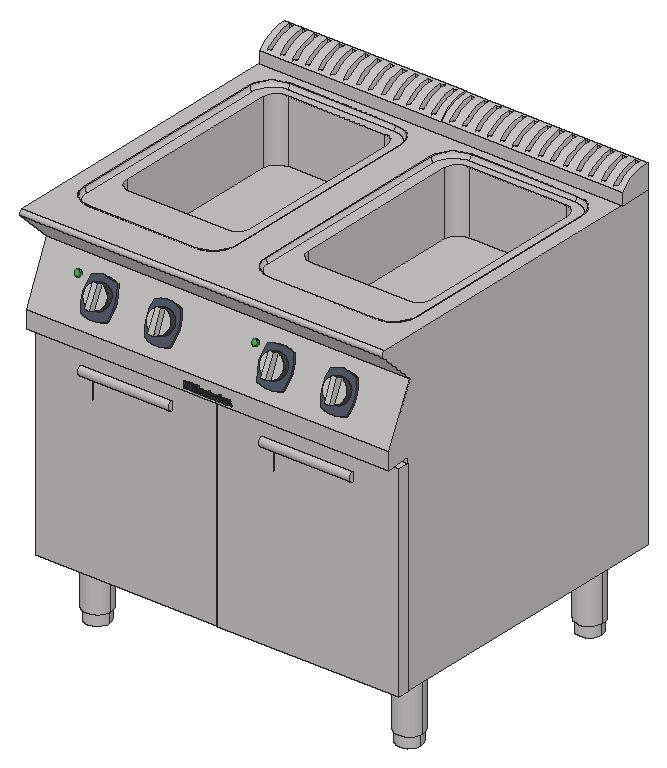
Revit family "QF_ELECTROLUXPROFESSIONAL_371091_E7PCGH2KF0", category Specialty Equipment, Revit 2018 (continued)
Automatic sketch dimensions
  Extrusion 20 sketch curve to Extrusion 20 sketch curve = 9.296 mm
  Extrusion 20 sketch curve to Extrusion 20 sketch curve = 57.15 mm
  plane 1 "BACK" to Extrusion 21 sketch curve = 6.761 mm
  Extrusion 21 sketch curve to plane 7 "Center Y" = 71.036 mm
  Extrusion 21 sketch curve to Extrusion 21 sketch curve = 9.296 mm
  Extrusion 21 sketch curve to Extrusion 21 sketch curve = 57.15 mm
  plane 1 "BACK" to Extrusion 22 sketch curve = 6.761 mm
  Extrusion 22 sketch curve to plane 7 "Center Y" = 43.194 mm
  Extrusion 22 sketch curve to Extrusion 22 sketch curve = 9.296 mm
  Extrusion 22 sketch curve to Extrusion 22 sketch curve = 57.15 mm
  Extrusion 24 sketch curve to plane 1 "BACK" = 6.761 mm
  Extrusion 24 sketch curve to plane 7 "Center Y" = 15.351 mm
  Extrusion 24 sketch curve to Extrusion 24 sketch curve = 9.296 mm
  Extrusion 24 sketch curve to Extrusion 24 sketch curve = 57.15 mm
  Extrusion 31 sketch curve to plane 1 "BACK" = 6.761 mm
  Extrusion 31 sketch curve to plane 7 "Center Y" = 182.405 mm
  Extrusion 31 sketch curve to Extrusion 31 sketch curve = 9.296 mm
  Extrusion 31 sketch curve to Extrusion 31 sketch curve = 57.15 mm
  Extrusion 32 sketch curve to plane 1 "BACK" = 6.761 mm
  Extrusion 32 sketch curve to plane 7 "Center Y" = 154.563 mm
  Extrusion 32 sketch curve to Extrusion 32 sketch curve = 9.296 mm
  Extrusion 32 sketch curve to Extrusion 32 sketch curve = 57.15 mm
  Extrusion 33 sketch curve to plane 1 "BACK" = 6.761 mm
  Extrusion 33 sketch curve to plane 7 "Center Y" = 126.721 mm
  Extrusion 33 sketch curve to Extrusion 33 sketch curve = 9.296 mm
  Extrusion 33 sketch curve to Extrusion 33 sketch curve = 57.15 mm
  Extrusion 34 sketch curve to plane 1 "BACK" = 6.761 mm
  Extrusion 34 sketch curve to plane 7 "Center Y" = 98.878 mm
  Extrusion 34 sketch curve to Extrusion 34 sketch curve = 9.296 mm
  Extrusion 34 sketch curve to Extrusion 34 sketch curve = 57.15 mm
  Extrusion 35 sketch curve to plane 1 "BACK" = 6.761 mm
  Extrusion 35 sketch curve to plane 7 "Center Y" = 71.036 mm
  Extrusion 35 sketch curve to Extrusion 35 sketch curve = 9.296 mm
  Extrusion 35 sketch curve to Extrusion 35 sketch curve = 57.15 mm
  Extrusion 36 sketch curve to plane 1 "BACK" = 6.761 mm
  Extrusion 36 sketch curve to plane 7 "Center Y" = 43.194 mm
  Extrusion 36 sketch curve to Extrusion 36 sketch curve = 9.296 mm
  Extrusion 36 sketch curve to Extrusion 36 sketch curve = 57.15 mm
  plane 1 "BACK" to Extrusion 37 sketch curve = 0 mm
  plane 7 "Center Y" to Extrusion 37 sketch curve = 1.587 mm
  Extrusion 37 sketch curve to plane 7 "Center Y" = 1.588 mm
  Extrusion 37 sketch curve to plane 1 "BACK" = 69.85 mm
  Extrusion 39 sketch curve to plane 5 "FRONT" = 42.863 mm
  Extrusion 39 sketch curve to Extrusion 39 sketch curve = 15 mm
  Extrusion 39 sketch curve to plane 9 "BASE" = 101.212 mm
  Extrusion 39 sketch curve to Extrusion 39 sketch curve = 41.212 mm
  Extrusion 40 sketch curve to plane 5 "FRONT" = 42.863 mm
  Extrusion 40 sketch curve to plane 9 "BASE" = 60 mm
  Extrusion 40 sketch curve to Extrusion 40 sketch curve = 10 mm
  Extrusion 41 sketch curve to plane 5 "FRONT" = 42.863 mm
  Extrusion 41 sketch curve to Extrusion 41 sketch curve = 15 mm
  Extrusion 41 sketch curve to plane 9 "BASE" = 60 mm
  Extrusion 41 sketch curve to Extrusion 41 sketch curve = 41.212 mm
  Extrusion 42 sketch curve to plane 5 "FRONT" = 42.863 mm
  Extrusion 42 sketch curve to plane 9 "BASE" = 40 mm
  Extrusion 42 sketch curve to Extrusion 42 sketch curve = 10 mm
  Revolve 43 sketch curve to level = 0 mm
  Revolve 43 sketch curve to plane 14 = 0 mm  (x2)
  level to Revolve 43 sketch curve = 25 mm
  Revolve 43 sketch curve to Revolve 43 sketch curve = 20 mm
  plane 3 "LEFT" to Revolve 43 sketch curve = 56 mm
  Revolve 43 sketch curve to Revolve 43 sketch curve = 0 mm
  plane 3 "LEFT" to Revolve 43 sketch curve = 29.75 mm
  plane 3 "LEFT" to Revolve 43 sketch curve = 26 mm
  Revolve 44 sketch curve to level = 0 mm
  Revolve 44 sketch curve to plane 14 = 0 mm  (x2)
  level to Revolve 44 sketch curve = 25 mm
  Revolve 44 sketch curve to Revolve 44 sketch curve = 20 mm
  plane 3 "LEFT" to Revolve 44 sketch curve = 56 mm
  Revolve 44 sketch curve to Revolve 44 sketch curve = 0 mm
  plane 3 "LEFT" to Revolve 44 sketch curve = 29.75 mm
  plane 3 "LEFT" to Revolve 44 sketch curve = 26 mm
  Sweep 50 sketch curve to plane 11 = 2.62 mm  (x2)
  Sweep 50 sketch curve to plane 7 "Center Y" = 33.337 mm
  plane 11 to Sweep 50 sketch curve = 47.38 mm
  Sweep 50 sketch curve to plane 12 = 57.513 mm
  Sweep 50 sketch curve to Sweep 50 sketch curve = 50 mm  (x2)
  plane 3 "LEFT" to Sweep 50 sketch curve = 83.338 mm
  profile plane to Sweep 50 sketch curve = 0 mm
  Sweep 50 sketch curve to plane 10 "TOP A" = 0 mm
  Sweep 50 sketch curve to profile plane = 5.055 mm
  Sweep 50 sketch curve to profile plane = 14.151 mm
  Extrusion 2 sketch curve to plane 10 "TOP A" = 0 mm
  Extrusion 2 sketch curve to plane 1 "BACK" = 0 mm
  Extrusion 2 sketch curve to plane 6 "TOP" = 0 mm
  plane 1 "BACK" to Extrusion 2 sketch curve = 1.769 mm
  plane 10 "TOP A" to Extrusion 2 sketch curve = 25.4 mm
  plane 1 "BACK" to Extrusion 2 sketch curve = 69.85 mm
  Extrusion 3 sketch curve to plane 12 = 7.513 mm  (x3)
  Extrusion 3 sketch curve to plane 4 "RIGHT" = 33.338 mm
  Extrusion 3 sketch curve to plane 12 = 57.513 mm
  Extrusion 3 sketch curve to plane 11 = 2.62 mm  (x3)
  Extrusion 3 sketch curve to Extrusion 3 sketch curve = 50 mm  (x3)
  plane 7 "Center Y" to Extrusion 3 sketch curve = 83.337 mm
  Extrusion 3 sketch curve to plane 7 "Center Y" = 33.337 mm
  plane 11 to Extrusion 3 sketch curve = 47.38 mm
  plane 3 "LEFT" to Extrusion 3 sketch curve = 83.338 mm  (x2)
  Extrusion 5 sketch curve to Extrusion 1 = 31.333 mm  (x8)
  Extrusion 5 sketch curve to Extrusion 5 sketch curve = 12.3 mm  (x12)
  Extrusion 5 sketch curve to Extrusion 5 sketch curve = 34.925 mm  (x6)
  Extrusion 5 sketch curve to Extrusion 5 sketch curve = 0 mm  (x2)
  Extrusion 1 to Extrusion 5 sketch curve = 44.467 mm  (x4)
  Extrusion 1 to Extrusion 5 sketch curve = 76.335 mm
  Extrusion 5 sketch curve to Extrusion 5 sketch curve = 25.727 mm  (x8)
  Extrusion 5 sketch curve to Extrusion 5 sketch curve = 28.575 mm  (x4)
  Extrusion 5 sketch curve to Extrusion 5 sketch curve = 31.396 mm  (x2)
  Extrusion 5 sketch curve to Extrusion 5 sketch curve = 140.219 mm
  Extrusion 6 sketch curve to Extrusion 6 sketch curve = 0 mm  (x3)
  Extrusion 6 sketch curve to Extrusion 6 sketch curve = 140 mm
  Extrusion 6 sketch curve to Extrusion 6 sketch curve = 248.937 mm
  Extrusion 6 sketch curve to Extrusion 6 sketch curve = 139.885 mm
  Extrusion 7 sketch curve to Extrusion 7 sketch curve = 24.732 mm  (x4)
  Extrusion 7 sketch curve to Extrusion 7 sketch curve = 0 mm  (x4)
  Extrusion 1 to Extrusion 8 sketch curve = 39.678 mm  (x2)
  Extrusion 1 to Extrusion 8 sketch curve = 324.515 mm
  Extrusion 1 to Extrusion 8 sketch curve = 83.473 mm
  plane 1 "BACK" to Extrusion 9 sketch curve = 0 mm
  Extrusion 9 sketch curve to plane 3 "LEFT" = 0 mm
  Extrusion 9 sketch curve to plane 4 "RIGHT" = 0 mm
  Extrusion 9 sketch curve to plane 3 "LEFT" = 150.019 mm
  plane 5 "FRONT" to Extrusion 9 sketch curve = 1.377 mm  (x2)
  plane 4 "RIGHT" to Extrusion 9 sketch curve = 150.019 mm
  Extrusion 9 sketch curve to plane 1 "BACK" = 150.019 mm
  curve 129 to curve 151 = 0 mm  (x2)
  curve 131 to curve 145 = 0 mm
  curve 133 to curve 147 = 0 mm  (x2)
  curve 135 to curve 149 = 0 mm  (x2)
  curve 153 to curve 175 = 0 mm  (x2)
  curve 155 to curve 169 = 0 mm  (x2)
  curve 157 to curve 171 = 0 mm
  curve 159 to curve 173 = 0 mm  (x2)
  curve 98 to plane 4 "RIGHT" = 0 mm
  curve 7 to plane 4 "RIGHT" = 0 mm
  plane 5 "FRONT" to curve 99 = 0 mm
  plane 1 "BACK" to curve 93 = 0 mm
  curve 5 to plane 3 "LEFT" = 0 mm
  curve 96 to plane 3 "LEFT" = 0 mm
  plane 4 "RIGHT" to curve 3 = 150.019 mm
  curve 52 to plane 4 "RIGHT" = 13.453 mm
  curve 52 to curve 51 = 9.296 mm
  curve 157 to plane 11 = 2.62 mm
  curve 157 to plane 4 "RIGHT" = 33.338 mm
  curve 156 to curve 170 = 5.055 mm
  curve 51 to curve 58 = 18.547 mm
  curve 58 to curve 57 = 9.296 mm
  curve 165 to plane 4 "RIGHT" = 63.338 mm
  plane 1 "BACK" to curve 62 = 6.761 mm
  curve 57 to curve 62 = 18.547 mm
  curve 99 to plane 4 "RIGHT" = 74.24 mm
  curve 170 to curve 157 = 44.945 mm
  curve 60 to curve 155 = 4.904 mm
  curve 169 to curve 160 = 10 mm
  curve 166 to curve 165 = 30 mm
  plane 1 "BACK" to curve 65 = 6.761 mm
  curve 60 to curve 65 = 18.547 mm
  curve 64 to curve 65 = 9.296 mm
  curve 67 to curve 66 = 9.296 mm
  plane 1 "BACK" to curve 71 = 6.761 mm
  curve 66 to curve 71 = 18.547 mm
  curve 70 to curve 69 = 9.296 mm
  plane 1 "BACK" to curve 74 = 6.761 mm
  curve 69 to curve 74 = 18.547 mm
  curve 73 to curve 74 = 9.296 mm
  curve 76 to curve 75 = 9.296 mm
  plane 1 "BACK" to curve 79 = 6.761 mm
  curve 75 to curve 79 = 18.547 mm
  curve 79 to curve 78 = 9.296 mm
  curve 82 to curve 81 = 9.296 mm
  plane 1 "BACK" to curve 86 = 6.761 mm
  curve 81 to curve 86 = 18.547 mm
  curve 85 to curve 86 = 9.296 mm
  plane 7 "Center Y" to curve 163 = 93.338 mm
  curve 84 to curve 161 = 5.541 mm
  curve 159 to plane 11 = 2.62 mm
  curve 164 to curve 159 = 10 mm
  curve 161 to curve 175 = 10 mm
  plane 1 "BACK" to curve 88 = 6.761 mm
  curve 84 to curve 88 = 18.547 mm
  curve 88 to curve 87 = 9.296 mm
  curve 161 to plane 12 = 7.513 mm
  curve 153 to curve 161 = 20 mm
  plane 7 "Center Y" to curve 99 = 54.971 mm
  plane 1 "BACK" to curve 91 = 6.761 mm
  curve 87 to curve 91 = 18.547 mm
  curve 90 to curve 55 = 18.547 mm
  curve 55 to curve 54 = 9.296 mm
  plane 7 "Center Y" to curve 98 = 3.9 mm
  plane 7 "Center Y" to curve 95 = 1.588 mm
  curve 11 to plane 7 "Center Y" = 1.587 mm
  curve 96 to plane 7 "Center Y" = 3.9 mm
  curve 11 to curve 12 = 13.764 mm
  curve 128 to plane 7 "Center Y" = 33.338 mm
  curve 135 to curve 149 = 5.055 mm
  curve 48 to curve 49 = 9.296 mm
  curve 97 to plane 7 "Center Y" = 54.971 mm
  curve 139 to plane 7 "Center Y" = 63.337 mm
  plane 1 "BACK" to curve 47 = 6.761 mm
  curve 49 to curve 47 = 18.547 mm
  curve 45 to curve 46 = 9.296 mm
  plane 11 to curve 149 = 42.325 mm
  curve 150 to curve 149 = 44.945 mm
  curve 151 to plane 12 = 7.513 mm
  curve 137 to curve 151 = 20 mm
  curve 138 to curve 140 = 30 mm
  curve 129 to curve 137 = 10 mm
  plane 1 "BACK" to curve 42 = 6.761 mm
  curve 46 to curve 42 = 18.547 mm
  curve 42 to curve 43 = 9.296 mm
  curve 39 to curve 40 = 9.296 mm
  curve 40 to curve 36 = 18.547 mm
  plane 1 "BACK" to curve 33 = 6.761 mm
  curve 37 to curve 33 = 18.547 mm
  curve 33 to curve 34 = 9.296 mm
  curve 30 to curve 31 = 9.296 mm
  plane 1 "BACK" to curve 29 = 6.761 mm
  curve 31 to curve 29 = 18.547 mm
  curve 24 to curve 25 = 9.296 mm
  plane 1 "BACK" to curve 23 = 6.761 mm
  curve 25 to curve 23 = 18.547 mm
  curve 21 to curve 23 = 9.296 mm
  plane 3 "LEFT" to curve 140 = 93.338 mm
  curve 22 to curve 143 = 3.642 mm
  curve 133 to plane 11 = 2.62 mm
  curve 140 to curve 133 = 10 mm
  curve 143 to curve 144 = 10 mm
  plane 1 "BACK" to curve 20 = 6.761 mm
  curve 22 to curve 20 = 18.547 mm
  curve 97 to curve 5 = 74.24 mm
  curve 18 to curve 19 = 9.296 mm
  curve 142 to plane 12 = 7.513 mm
  curve 131 to curve 142 = 20 mm
  curve 15 to curve 17 = 9.296 mm
  plane 1 "BACK" to curve 10 = 6.761 mm
  curve 16 to curve 10 = 18.547 mm
  curve 8 to curve 9 = 9.296 mm
  curve 2 to plane 3 "LEFT" = 150.019 mm
  curve 1 to plane 1 "BACK" = 150.019 mm
  plane 1 "BACK" to curve 12 = 6.761 mm
  plane 1 "BACK" to curve 83 = 6.761 mm
  plane 1 "BACK" to curve 15 = 6.761 mm
  plane 1 "BACK" to curve 77 = 6.761 mm
  plane 1 "BACK" to curve 24 = 6.761 mm
  plane 1 "BACK" to curve 68 = 6.761 mm
  plane 1 "BACK" to curve 30 = 6.761 mm
  plane 1 "BACK" to curve 36 = 6.761 mm
  plane 1 "BACK" to curve 59 = 6.761 mm
  plane 1 "BACK" to curve 39 = 6.761 mm
  plane 1 "BACK" to curve 56 = 6.761 mm
  plane 1 "BACK" to curve 53 = 6.761 mm
  plane 1 "BACK" to curve 50 = 6.761 mm
  curve 49 to curve 129 = 26.213 mm
  curve 51 to curve 51 = 57.15 mm
  curve 54 to curve 54 = 57.15 mm
  curve 57 to curve 51 = 0 mm
  curve 60 to curve 57 = 0 mm
  curve 63 to curve 60 = 0 mm
  curve 66 to curve 63 = 0 mm
  curve 69 to curve 66 = 0 mm
  curve 72 to curve 69 = 0 mm
  curve 75 to curve 72 = 0 mm
  curve 78 to curve 75 = 0 mm
  curve 81 to curve 78 = 0 mm
  curve 84 to curve 81 = 0 mm
  curve 91 to curve 87 = 0 mm
  curve 52 to curve 95 = 5.939 mm
  curve 94 to curve 93 = 0 mm
  curve 154 to curve 160 = 20 mm
  curve 163 to curve 159 = 80 mm
  curve 142 to curve 133 = 80 mm
  curve 98 to plane 5 "FRONT" = 42.863 mm
  curve 96 to plane 5 "FRONT" = 42.863 mm
  plane 5 "FRONT" to curve 3 = 1.377 mm
  plane 5 "FRONT" to curve 1 = 1.377 mm
  Extrusion 23 sketch curve to plane 1 "BACK" = 6.761 mm
  plane 4 "RIGHT" to Extrusion 23 sketch curve = 22.749 mm
  Extrusion 23 sketch curve to Extrusion 23 sketch curve = 9.296 mm
  Extrusion 23 sketch curve to Extrusion 23 sketch curve = 57.15 mm
  Extrusion 25 sketch curve to plane 1 "BACK" = 6.761 mm
  plane 4 "RIGHT" to Extrusion 25 sketch curve = 50.591 mm
  Extrusion 25 sketch curve to Extrusion 25 sketch curve = 9.296 mm
  Extrusion 25 sketch curve to Extrusion 25 sketch curve = 57.15 mm
  Extrusion 26 sketch curve to plane 1 "BACK" = 6.761 mm
  plane 4 "RIGHT" to Extrusion 26 sketch curve = 78.433 mm
  Extrusion 26 sketch curve to Extrusion 26 sketch curve = 9.296 mm
  Extrusion 26 sketch curve to Extrusion 26 sketch curve = 57.15 mm
  Extrusion 27 sketch curve to plane 1 "BACK" = 6.761 mm
  plane 4 "RIGHT" to Extrusion 27 sketch curve = 106.275 mm
  Extrusion 27 sketch curve to Extrusion 27 sketch curve = 9.296 mm
  Extrusion 27 sketch curve to Extrusion 27 sketch curve = 57.15 mm
  Extrusion 28 sketch curve to plane 1 "BACK" = 6.761 mm
  plane 4 "RIGHT" to Extrusion 28 sketch curve = 134.118 mm
  Extrusion 28 sketch curve to Extrusion 28 sketch curve = 9.296 mm
  Extrusion 28 sketch curve to Extrusion 28 sketch curve = 57.15 mm
  Extrusion 29 sketch curve to plane 1 "BACK" = 6.761 mm
  plane 4 "RIGHT" to Extrusion 29 sketch curve = 161.96 mm
  Extrusion 29 sketch curve to Extrusion 29 sketch curve = 9.296 mm
  Extrusion 29 sketch curve to Extrusion 29 sketch curve = 57.15 mm
  Extrusion 30 sketch curve to plane 1 "BACK" = 6.761 mm
  plane 4 "RIGHT" to Extrusion 30 sketch curve = 189.802 mm
  Extrusion 30 sketch curve to Extrusion 30 sketch curve = 9.296 mm
  Extrusion 30 sketch curve to Extrusion 30 sketch curve = 57.15 mm
  Extrusion 38 sketch curve to Extrusion 1 = 0 mm
  Extrusion 1 to Extrusion 38 sketch curve = 12.7 mm
  Extrusion 1 to Extrusion 38 sketch curve = 398.463 mm
  Extrusion 38 sketch curve to Extrusion 38 sketch curve = 3.175 mm
  Revolve 45 sketch curve to level = 0 mm
  Revolve 45 sketch curve to plane 14 = 0 mm  (x2)
  level to Revolve 45 sketch curve = 25 mm
  Revolve 45 sketch curve to Revolve 45 sketch curve = 20 mm
  Revolve 45 sketch curve to plane 4 "RIGHT" = 26 mm
  Revolve 45 sketch curve to Revolve 45 sketch curve = 3.75 mm
  Revolve 45 sketch curve to Revolve 45 sketch curve = 30 mm
  Revolve 45 sketch curve to Revolve 45 sketch curve = 0 mm
  Revolve 46 sketch curve to level = 0 mm
  Revolve 46 sketch curve to plane 14 = 0 mm  (x2)
  level to Revolve 46 sketch curve = 25 mm
  Revolve 46 sketch curve to Revolve 46 sketch curve = 20 mm
  Revolve 46 sketch curve to plane 4 "RIGHT" = 26 mm
  Revolve 46 sketch curve to Revolve 46 sketch curve = 3.75 mm
  Revolve 46 sketch curve to Revolve 46 sketch curve = 30 mm
  Revolve 46 sketch curve to Revolve 46 sketch curve = 0 mm
  Extrusion 47 sketch curve to plane 4 "RIGHT" = 0 mm
  Extrusion 47 sketch curve to plane 3 "LEFT" = 0 mm
  plane 7 "Center Y" to Extrusion 47 sketch curve = 1.588 mm
  Extrusion 47 sketch curve to plane 7 "Center Y" = 1.588 mm
  Extrusion 47 sketch curve to plane 5 "FRONT" = 42.863 mm  (x2)
  Extrusion 49 sketch curve to plane 11 = 2.62 mm  (x2)
  Extrusion 49 sketch curve to plane 4 "RIGHT" = 33.338 mm
  Extrusion 49 sketch curve to plane 4 "RIGHT" = 63.338 mm
  Extrusion 49 sketch curve to plane 12 = 7.513 mm  (x6)
  Extrusion 49 sketch curve to Extrusion 49 sketch curve = 20 mm  (x2)
  plane 11 to Extrusion 49 sketch curve = 47.38 mm  (x2)
  Extrusion 49 sketch curve to Extrusion 49 sketch curve = 30 mm  (x4)
  Extrusion 49 sketch curve to Extrusion 49 sketch curve = 10 mm  (x4)
  plane 7 "Center Y" to Extrusion 49 sketch curve = 93.337 mm  (x2)
  Extrusion 49 sketch curve to plane 12 = 37.513 mm
  plane 7 "Center Y" to Extrusion 49 sketch curve = 83.337 mm
  Extrusion 49 sketch curve to plane 7 "Center Y" = 33.338 mm
  Extrusion 49 sketch curve to Extrusion 49 sketch curve = 50 mm
  plane 3 "LEFT" to Extrusion 49 sketch curve = 93.338 mm
  plane 3 "LEFT" to Extrusion 49 sketch curve = 83.338 mm
  Extrusion 49 sketch curve to Extrusion 49 sketch curve = 80 mm  (x2)
  Sweep 51 sketch curve to plane 11 = 2.62 mm  (x2)
  plane 7 "Center Y" to Sweep 51 sketch curve = 33.337 mm
  plane 11 to Sweep 51 sketch curve = 47.38 mm
  Sweep 51 sketch curve to plane 12 = 57.513 mm
  Sweep 51 sketch curve to Sweep 51 sketch curve = 50 mm  (x2)
  Sweep 51 sketch curve to plane 4 "RIGHT" = 83.338 mm
  Sweep 51 sketch curve to plane 10 "TOP A" = 0 mm
  profile plane to Sweep 51 sketch curve = 0 mm
  Sweep 51 sketch curve to Sweep 51 sketch curve = 5.055 mm
  Sweep 51 sketch curve to Sweep 51 sketch curve = 14.151 mm
  Extrusion 48 sketch curve to plane 11 = 16.884 mm
  curve 61 to curve 60 = 9.296 mm
  curve 63 to curve 67 = 18.547 mm
  curve 72 to curve 77 = 18.547 mm
  curve 78 to curve 82 = 18.547 mm
  curve 91 to curve 92 = 9.296 mm
  curve 12 to curve 13 = 9.296 mm
  curve 13 to curve 50 = 18.547 mm
  curve 43 to curve 39 = 18.547 mm
  curve 36 to curve 37 = 9.296 mm
  curve 34 to curve 32 = 18.547 mm
  curve 27 to curve 28 = 9.296 mm
  curve 28 to curve 24 = 18.547 mm
  curve 19 to curve 15 = 18.547 mm
  curve 60 to curve 61 = 0 mm
  curve 57 to curve 58 = 0 mm
  curve 63 to curve 64 = 0 mm
  curve 54 to curve 55 = 0 mm
  curve 51 to curve 52 = 0 mm
  curve 66 to curve 67 = 0 mm
  curve 49 to curve 48 = 0 mm
  curve 46 to curve 129 = 26.213 mm
  curve 69 to curve 70 = 0 mm
  curve 46 to curve 45 = 0 mm
  curve 43 to curve 46 = 0 mm
  curve 43 to curve 42 = 0 mm
  curve 40 to curve 43 = 0 mm
  curve 72 to curve 73 = 0 mm
  curve 40 to curve 39 = 0 mm
  curve 37 to curve 40 = 0 mm
  curve 37 to curve 36 = 0 mm
  curve 34 to curve 37 = 0 mm
  curve 75 to curve 76 = 0 mm
  curve 34 to curve 33 = 0 mm
  curve 31 to curve 34 = 0 mm
  curve 31 to curve 30 = 0 mm
  curve 28 to curve 31 = 0 mm
  curve 78 to curve 79 = 0 mm
  curve 28 to curve 27 = 0 mm
  curve 25 to curve 28 = 0 mm
  curve 25 to curve 24 = 0 mm
  curve 22 to curve 25 = 0 mm
  curve 81 to curve 82 = 0 mm
  curve 22 to curve 21 = 0 mm
  curve 19 to curve 22 = 0 mm
  curve 19 to curve 18 = 0 mm
  curve 16 to curve 19 = 0 mm
  curve 84 to curve 85 = 0 mm
  curve 16 to curve 15 = 0 mm
  curve 48 to curve 13 = 0 mm
  curve 13 to curve 12 = 0 mm
  curve 55 to curve 91 = 0 mm
  curve 87 to curve 88 = 0 mm
  curve 90 to curve 91 = 0 mm
  curve 9 to curve 11 = 5.939 mm
  curve 9 to curve 8 = 0 mm
  plane 9 "BASE" to Extrusion 52 sketch curve = 9.251 mm
  plane 9 "BASE" to Extrusion 52 sketch curve = 14.292 mm
  plane 7 "Center Y" to Extrusion 52 sketch curve = 5.651 mm
  plane 9 "BASE" to Extrusion 52 sketch curve = 14.311 mm
  Extrusion 52 sketch curve to Extrusion 52 sketch curve = 0 mm  (x28)
  Extrusion 52 sketch curve to Extrusion 52 sketch curve = 5.108 mm  (x2)
  Extrusion 52 sketch curve to Extrusion 52 sketch curve = 0.054 mm
  Extrusion 52 sketch curve to Extrusion 52 sketch curve = 0.218 mm
  Extrusion 52 sketch curve to Extrusion 52 sketch curve = 0.195 mm
  Extrusion 52 sketch curve to Extrusion 52 sketch curve = 0.249 mm
  plane 9 "BASE" to Extrusion 52 sketch curve = 14.608 mm
  Extrusion 52 sketch curve to Extrusion 52 sketch curve = 0.087 mm
  Extrusion 52 sketch curve to Extrusion 52 sketch curve = 0.358 mm
  Extrusion 52 sketch curve to Extrusion 52 sketch curve = 0.481 mm
  Extrusion 52 sketch curve to Extrusion 52 sketch curve = 0.597 mm
  Extrusion 52 sketch curve to Extrusion 52 sketch curve = 0.544 mm
  Extrusion 52 sketch curve to Extrusion 52 sketch curve = 0.936 mm
  Extrusion 52 sketch curve to Extrusion 52 sketch curve = 0.594 mm
  Extrusion 52 sketch curve to Extrusion 52 sketch curve = 0.343 mm
  Extrusion 52 sketch curve to Extrusion 52 sketch curve = 0.159 mm
  Extrusion 52 sketch curve to Extrusion 52 sketch curve = 0.826 mm
  Extrusion 52 sketch curve to Extrusion 52 sketch curve = 0.839 mm
  Extrusion 52 sketch curve to Extrusion 52 sketch curve = 0.852 mm
  Extrusion 52 sketch curve to Extrusion 52 sketch curve = 0.887 mm
  Extrusion 52 sketch curve to Extrusion 52 sketch curve = 0.928 mm
  Extrusion 52 sketch curve to Extrusion 52 sketch curve = 0.938 mm
  Extrusion 52 sketch curve to Extrusion 52 sketch curve = 0.444 mm
  Extrusion 52 sketch curve to Extrusion 52 sketch curve = 1.11 mm  (x3)
  Extrusion 52 sketch curve to Extrusion 52 sketch curve = 0.215 mm
  plane 7 "Center Y" to Extrusion 52 sketch curve = 0.014 mm
  Extrusion 52 sketch curve to Extrusion 52 sketch curve = 1.43 mm
  Extrusion 52 sketch curve to Extrusion 52 sketch curve = 1.188 mm
  Extrusion 52 sketch curve to Extrusion 52 sketch curve = 1.21 mm  (x2)
  Extrusion 52 sketch curve to Extrusion 52 sketch curve = 0.503 mm
  Extrusion 52 sketch curve to Extrusion 52 sketch curve = 0.488 mm
  Extrusion 52 sketch curve to Extrusion 52 sketch curve = 0.462 mm
  Extrusion 52 sketch curve to Extrusion 52 sketch curve = 1.386 mm
  Extrusion 52 sketch curve to Extrusion 52 sketch curve = 1.742 mm  (x2)
  Extrusion 52 sketch curve to Extrusion 52 sketch curve = 0.821 mm
  Extrusion 52 sketch curve to Extrusion 52 sketch curve = 0.497 mm
  Extrusion 52 sketch curve to Extrusion 52 sketch curve = 0.539 mm
  Extrusion 52 sketch curve to Extrusion 52 sketch curve = 0.686 mm
  Extrusion 52 sketch curve to plane 7 "Center Y" = 0.36 mm
  Extrusion 52 sketch curve to Extrusion 52 sketch curve = 0.408 mm
  Extrusion 52 sketch curve to Extrusion 52 sketch curve = 0.743 mm
  Extrusion 52 sketch curve to Extrusion 52 sketch curve = 1.16 mm
  Extrusion 52 sketch curve to Extrusion 52 sketch curve = 0.329 mm
  Extrusion 52 sketch curve to Extrusion 52 sketch curve = 1.054 mm
  Extrusion 52 sketch curve to Extrusion 52 sketch curve = 1.056 mm
  Extrusion 52 sketch curve to Extrusion 52 sketch curve = 0.129 mm
  Extrusion 52 sketch curve to Extrusion 52 sketch curve = 0.489 mm
  Extrusion 52 sketch curve to Extrusion 52 sketch curve = 0.441 mm
  Extrusion 52 sketch curve to Extrusion 52 sketch curve = 1.151 mm
  Extrusion 52 sketch curve to Extrusion 52 sketch curve = 1.141 mm  (x2)
  Extrusion 52 sketch curve to Extrusion 52 sketch curve = 0.768 mm
  Extrusion 52 sketch curve to Extrusion 52 sketch curve = 1.653 mm
  Extrusion 52 sketch curve to Extrusion 52 sketch curve = 0.499 mm
  Extrusion 52 sketch curve to Extrusion 52 sketch curve = 0.964 mm
  Extrusion 52 sketch curve to Extrusion 52 sketch curve = 0.949 mm
  Extrusion 52 sketch curve to Extrusion 52 sketch curve = 1.345 mm  (x2)
  Extrusion 52 sketch curve to Extrusion 52 sketch curve = 0.137 mm  (x2)
  Extrusion 52 sketch curve to Extrusion 52 sketch curve = 0.432 mm
  Extrusion 52 sketch curve to Extrusion 52 sketch curve = 1.142 mm
  Extrusion 52 sketch curve to Extrusion 52 sketch curve = 0.959 mm
  Extrusion 52 sketch curve to Extrusion 52 sketch curve = 0.176 mm
  Extrusion 52 sketch curve to Extrusion 52 sketch curve = 0.728 mm
  Extrusion 52 sketch curve to Extrusion 52 sketch curve = 3.375 mm  (x2)
  Extrusion 52 sketch curve to Extrusion 52 sketch curve = 1.905 mm
  Extrusion 52 sketch curve to Extrusion 52 sketch curve = 0.955 mm
  Extrusion 52 sketch curve to Extrusion 52 sketch curve = 1.251 mm
  Extrusion 52 sketch curve to Extrusion 52 sketch curve = 0.572 mm
  Extrusion 52 sketch curve to Extrusion 52 sketch curve = 1.92 mm
  Extrusion 52 sketch curve to Extrusion 52 sketch curve = 1.224 mm
  Extrusion 52 sketch curve to Extrusion 52 sketch curve = 0.745 mm
  Extrusion 52 sketch curve to Extrusion 52 sketch curve = 0.036 mm
  Extrusion 52 sketch curve to Extrusion 52 sketch curve = 0.896 mm  (x3)
  Extrusion 52 sketch curve to Extrusion 52 sketch curve = 2.607 mm
  Extrusion 52 sketch curve to Extrusion 52 sketch curve = 0.066 mm
  Extrusion 52 sketch curve to Extrusion 52 sketch curve = 0.248 mm
  Extrusion 52 sketch curve to Extrusion 52 sketch curve = 0.449 mm
  Extrusion 52 sketch curve to Extrusion 52 sketch curve = 1.052 mm
  Extrusion 52 sketch curve to Extrusion 52 sketch curve = 1.863 mm
  Extrusion 52 sketch curve to Extrusion 52 sketch curve = 1.31 mm  (x2)
  Extrusion 52 sketch curve to Extrusion 52 sketch curve = 0.901 mm
  Extrusion 52 sketch curve to Extrusion 52 sketch curve = 1.107 mm
  Extrusion 52 sketch curve to Extrusion 52 sketch curve = 2.122 mm
  Extrusion 52 sketch curve to Extrusion 52 sketch curve = 2.101 mm
  Extrusion 52 sketch curve to Extrusion 52 sketch curve = 0.106 mm
  Extrusion 52 sketch curve to Extrusion 52 sketch curve = 0.029 mm
  Extrusion 52 sketch curve to Extrusion 52 sketch curve = 2.09 mm
  Extrusion 52 sketch curve to Extrusion 52 sketch curve = 1.279 mm
  Extrusion 52 sketch curve to Extrusion 52 sketch curve = 2.008 mm
  Extrusion 52 sketch curve to Extrusion 52 sketch curve = 0.738 mm
  Extrusion 52 sketch curve to Extrusion 52 sketch curve = 0.382 mm
  Extrusion 52 sketch curve to Extrusion 52 sketch curve = 0.384 mm
  Extrusion 52 sketch curve to Extrusion 52 sketch curve = 0.002 mm
  Extrusion 52 sketch curve to Extrusion 52 sketch curve = 0.561 mm
  Extrusion 52 sketch curve to Extrusion 52 sketch curve = 0.592 mm
  Extrusion 52 sketch curve to Extrusion 52 sketch curve = 2.692 mm
  Extrusion 52 sketch curve to Extrusion 52 sketch curve = 1.259 mm
  Extrusion 52 sketch curve to Extrusion 52 sketch curve = 0.802 mm
  Extrusion 52 sketch curve to Extrusion 52 sketch curve = 1.024 mm  (x2)
  Extrusion 52 sketch curve to Extrusion 52 sketch curve = 0.682 mm
  Extrusion 52 sketch curve to Extrusion 52 sketch curve = 5.934 mm
  Extrusion 52 sketch curve to Extrusion 52 sketch curve = 2.186 mm
  Extrusion 52 sketch curve to Extrusion 52 sketch curve = 0.337 mm
  Extrusion 52 sketch curve to Extrusion 52 sketch curve = 0.021 mm
  Extrusion 52 sketch curve to Extrusion 52 sketch curve = 1.005 mm
  Extrusion 52 sketch curve to Extrusion 52 sketch curve = 0.552 mm
  Extrusion 52 sketch curve to Extrusion 52 sketch curve = 0.778 mm
  Extrusion 52 sketch curve to Extrusion 52 sketch curve = 0.063 mm
  Extrusion 52 sketch curve to Extrusion 52 sketch curve = 1.023 mm
  Extrusion 52 sketch curve to Extrusion 52 sketch curve = 3.804 mm
  Extrusion 52 sketch curve to Extrusion 52 sketch curve = 0.486 mm
  Extrusion 52 sketch curve to Extrusion 52 sketch curve = 0.266 mm  (x2)
  Extrusion 52 sketch curve to plane 7 "Center Y" = 1.105 mm
  Extrusion 52 sketch curve to Extrusion 52 sketch curve = 1.547 mm
  Extrusion 52 sketch curve to Extrusion 52 sketch curve = 0.717 mm  (x2)
  Extrusion 52 sketch curve to Extrusion 52 sketch curve = 1.667 mm
  Extrusion 52 sketch curve to Extrusion 52 sketch curve = 3.174 mm
  plane 7 "Center Y" to Extrusion 52 sketch curve = 0.05 mm
  Extrusion 52 sketch curve to Extrusion 52 sketch curve = 0.388 mm
  Extrusion 52 sketch curve to Extrusion 52 sketch curve = 1.342 mm
  Extrusion 52 sketch curve to Extrusion 52 sketch curve = 1.521 mm
  Extrusion 52 sketch curve to Extrusion 52 sketch curve = 0.124 mm
  Extrusion 52 sketch curve to Extrusion 52 sketch curve = 0.291 mm
  plane 7 "Center Y" to Extrusion 52 sketch curve = 6.967 mm
  Extrusion 52 sketch curve to Extrusion 52 sketch curve = 1.049 mm  (x2)
  Extrusion 52 sketch curve to Extrusion 52 sketch curve = 1.7 mm
  Extrusion 52 sketch curve to Extrusion 52 sketch curve = 0.894 mm
  Extrusion 52 sketch curve to Extrusion 52 sketch curve = 0.989 mm
  Extrusion 52 sketch curve to Extrusion 52 sketch curve = 1.168 mm
  Extrusion 52 sketch curve to Extrusion 52 sketch curve = 1.594 mm
  Extrusion 52 sketch curve to Extrusion 52 sketch curve = 0.731 mm
  Extrusion 52 sketch curve to Extrusion 52 sketch curve = 1.566 mm
  Extrusion 52 sketch curve to Extrusion 52 sketch curve = 0.064 mm
  plane 7 "Center Y" to Extrusion 52 sketch curve = 7.523 mm
  Extrusion 52 sketch curve to Extrusion 52 sketch curve = 0.556 mm  (x2)
  Extrusion 52 sketch curve to Extrusion 52 sketch curve = 0.48 mm
  Extrusion 52 sketch curve to Extrusion 52 sketch curve = 1.018 mm
  Extrusion 52 sketch curve to Extrusion 52 sketch curve = 0.787 mm
  Extrusion 52 sketch curve to Extrusion 52 sketch curve = 0.618 mm
  Extrusion 52 sketch curve to Extrusion 52 sketch curve = 1.672 mm
  Extrusion 52 sketch curve to Extrusion 52 sketch curve = 1.361 mm
  Extrusion 52 sketch curve to Extrusion 52 sketch curve = 0.822 mm
  Extrusion 52 sketch curve to Extrusion 52 sketch curve = 0.069 mm
  Extrusion 52 sketch curve to Extrusion 52 sketch curve = 1.88 mm
  Extrusion 52 sketch curve to Extrusion 52 sketch curve = 0.42 mm
  Extrusion 52 sketch curve to Extrusion 52 sketch curve = 0.062 mm
  Extrusion 52 sketch curve to Extrusion 52 sketch curve = 1.355 mm
  Extrusion 52 sketch curve to Extrusion 52 sketch curve = 2.34 mm
  Extrusion 52 sketch curve to Extrusion 52 sketch curve = 0.493 mm
  Extrusion 52 sketch curve to Extrusion 52 sketch curve = 0.136 mm
  Extrusion 52 sketch curve to Extrusion 52 sketch curve = 0.128 mm
  Extrusion 52 sketch curve to Extrusion 52 sketch curve = 3.616 mm
  Extrusion 52 sketch curve to Extrusion 52 sketch curve = 4.207 mm
  Extrusion 52 sketch curve to Extrusion 52 sketch curve = 0.183 mm
  Extrusion 52 sketch curve to Extrusion 52 sketch curve = 0.895 mm
  Extrusion 52 sketch curve to Extrusion 52 sketch curve = 1.314 mm
  Extrusion 52 sketch curve to Extrusion 52 sketch curve = 3.231 mm
  Extrusion 52 sketch curve to Extrusion 52 sketch curve = 1.299 mm
  Extrusion 52 sketch curve to Extrusion 52 sketch curve = 1.214 mm
  Extrusion 52 sketch curve to Extrusion 52 sketch curve = 1.264 mm
  Extrusion 52 sketch curve to Extrusion 52 sketch curve = 0.109 mm
  Extrusion 52 sketch curve to Extrusion 52 sketch curve = 0.357 mm
  Extrusion 52 sketch curve to Extrusion 52 sketch curve = 0.565 mm
  Extrusion 52 sketch curve to Extrusion 52 sketch curve = 2.504 mm
  Extrusion 52 sketch curve to Extrusion 52 sketch curve = 2.459 mm
  Extrusion 52 sketch curve to Extrusion 52 sketch curve = 1.322 mm
  Extrusion 52 sketch curve to Extrusion 52 sketch curve = 2.77 mm
  Extrusion 52 sketch curve to Extrusion 52 sketch curve = 2.51 mm
  Extrusion 52 sketch curve to Extrusion 52 sketch curve = 0.187 mm
  Extrusion 52 sketch curve to Extrusion 52 sketch curve = 2.559 mm
  Extrusion 52 sketch curve to Extrusion 52 sketch curve = 1.556 mm
  Extrusion 52 sketch curve to Extrusion 52 sketch curve = 0.222 mm
  Extrusion 52 sketch curve to Extrusion 52 sketch curve = 1.383 mm
  Extrusion 52 sketch curve to Extrusion 52 sketch curve = 3.114 mm
  Extrusion 52 sketch curve to Extrusion 52 sketch curve = 3.376 mm
  Extrusion 52 sketch curve to Extrusion 52 sketch curve = 0.934 mm
  Extrusion 52 sketch curve to Extrusion 52 sketch curve = 0.191 mm
  Extrusion 52 sketch curve to Extrusion 52 sketch curve = 3.696 mm
  Extrusion 52 sketch curve to Extrusion 52 sketch curve = 2.708 mm
  Extrusion 52 sketch curve to Extrusion 52 sketch curve = 3.333 mm
  Extrusion 52 sketch curve to Extrusion 52 sketch curve = 0.332 mm
  Extrusion 52 sketch curve to Extrusion 52 sketch curve = 1.087 mm
  Extrusion 52 sketch curve to Extrusion 52 sketch curve = 2.23 mm
  Extrusion 52 sketch curve to Extrusion 52 sketch curve = 2.757 mm
  Extrusion 52 sketch curve to Extrusion 52 sketch curve = 0.987 mm
  Extrusion 52 sketch curve to Extrusion 52 sketch curve = 1.529 mm
  Extrusion 52 sketch curve to Extrusion 52 sketch curve = 1.796 mm
  Extrusion 52 sketch curve to Extrusion 52 sketch curve = 2.859 mm
  Extrusion 52 sketch curve to Extrusion 52 sketch curve = 0.853 mm
  Extrusion 52 sketch curve to Extrusion 52 sketch curve = 1.241 mm
  Extrusion 52 sketch curve to Extrusion 52 sketch curve = 2.046 mm  (x2)
  Extrusion 52 sketch curve to Extrusion 52 sketch curve = 2.422 mm
  Extrusion 52 sketch curve to Extrusion 52 sketch curve = 0.27 mm
  Extrusion 52 sketch curve to Extrusion 52 sketch curve = 0.69 mm
  Extrusion 52 sketch curve to Extrusion 52 sketch curve = 0.781 mm  (x2)
  Extrusion 52 sketch curve to Extrusion 52 sketch curve = 3.136 mm
  Extrusion 52 sketch curve to Extrusion 52 sketch curve = 1.767 mm
  Extrusion 52 sketch curve to Extrusion 52 sketch curve = 0.138 mm
  Extrusion 52 sketch curve to Extrusion 52 sketch curve = 0.777 mm
  Extrusion 52 sketch curve to Extrusion 52 sketch curve = 1.19 mm
  Extrusion 52 sketch curve to Extrusion 52 sketch curve = 0.782 mm
  Extrusion 52 sketch curve to Extrusion 52 sketch curve = 1.268 mm
  Extrusion 52 sketch curve to Extrusion 52 sketch curve = 0.422 mm  (x2)
  Extrusion 52 sketch curve to Extrusion 52 sketch curve = 1.559 mm
  Extrusion 52 sketch curve to Extrusion 52 sketch curve = 3.927 mm
  Extrusion 52 sketch curve to Extrusion 52 sketch curve = 0.983 mm
  Extrusion 52 sketch curve to Extrusion 52 sketch curve = 1.134 mm
  Extrusion 52 sketch curve to Extrusion 52 sketch curve = 0.094 mm
  Extrusion 52 sketch curve to Extrusion 52 sketch curve = 1.584 mm
  plane 7 "Center Y" to Extrusion 52 sketch curve = 0.32 mm
  Extrusion 52 sketch curve to Extrusion 52 sketch curve = 0.916 mm
  Extrusion 52 sketch curve to Extrusion 52 sketch curve = 0.352 mm
  Extrusion 52 sketch curve to Extrusion 52 sketch curve = 0.458 mm
  Extrusion 52 sketch curve to Extrusion 52 sketch curve = 1.282 mm
  Extrusion 52 sketch curve to Extrusion 52 sketch curve = 1.363 mm
  Extrusion 52 sketch curve to Extrusion 52 sketch curve = 0.685 mm
  Extrusion 52 sketch curve to Extrusion 52 sketch curve = 0.905 mm
  Extrusion 52 sketch curve to Extrusion 52 sketch curve = 2.865 mm
  Extrusion 52 sketch curve to Extrusion 52 sketch curve = 0.472 mm
  Extrusion 52 sketch curve to Extrusion 52 sketch curve = 0.101 mm
  Extrusion 52 sketch curve to Extrusion 52 sketch curve = 0.54 mm
  Extrusion 52 sketch curve to Extrusion 52 sketch curve = 0.02 mm
  Extrusion 52 sketch curve to Extrusion 52 sketch curve = 0.468 mm
  Extrusion 52 sketch curve to Extrusion 52 sketch curve = 0.829 mm
  Extrusion 52 sketch curve to Extrusion 52 sketch curve = 0.582 mm
  Extrusion 52 sketch curve to Extrusion 52 sketch curve = 0.166 mm
  Extrusion 52 sketch curve to Extrusion 52 sketch curve = 0.16 mm
  Extrusion 52 sketch curve to Extrusion 52 sketch curve = 2.781 mm
  Extrusion 52 sketch curve to Extrusion 52 sketch curve = 1.118 mm
  Extrusion 52 sketch curve to Extrusion 52 sketch curve = 0.613 mm
  Extrusion 52 sketch curve to Extrusion 52 sketch curve = 0.361 mm
  Extrusion 52 sketch curve to Extrusion 52 sketch curve = 0.897 mm
  Extrusion 52 sketch curve to Extrusion 52 sketch curve = 0.167 mm
  Extrusion 52 sketch curve to Extrusion 52 sketch curve = 0.292 mm
  Extrusion 52 sketch curve to Extrusion 52 sketch curve = 0.305 mm
  Extrusion 52 sketch curve to Extrusion 52 sketch curve = 1.557 mm
  Extrusion 52 sketch curve to Extrusion 52 sketch curve = 2.499 mm
  Extrusion 52 sketch curve to Extrusion 52 sketch curve = 3.062 mm
  Extrusion 52 sketch curve to Extrusion 52 sketch curve = 2.968 mm
  Extrusion 52 sketch curve to Extrusion 52 sketch curve = 5.044 mm
  Extrusion 52 sketch curve to Extrusion 52 sketch curve = 0.629 mm  (x2)
  Extrusion 52 sketch curve to Extrusion 52 sketch curve = 1.131 mm
  Extrusion 52 sketch curve to Extrusion 52 sketch curve = 0.027 mm
  Extrusion 52 sketch curve to Extrusion 52 sketch curve = 2.235 mm
  radius of Extrusion 6 sketch curve = 25.4 mm  (x4)
  radius of Extrusion 7 sketch curve to Extrusion 6 = 0 mm  (x8)
  radius of Extrusion 8 sketch curve = 6.35 mm  (x2)
  radius of Extrusion 48 sketch curve = 6.35 mm  (x2)
  radius of Extrusion 48 sketch curve = 12.7 mm  (x2)
Connectors
  piping at (632, -581, 137.3), diameter 25.4
    settings: on Extrusion 48, index 1, connector inside diameter 1", connector length 0 mm, flow factor 0, pipe flow 0 GPM, pressure drop 0.00 psi, fitting loss kfactor 0, connector angle 0.00°, fixture units 0, engagement length 0 mm, angle of deflection 0.00°, flow configuration 1, flow direction 2, fitting loss method 0, system type 16, joint type 0, gender type 0, connector reference index -1, connector utility 0, adjustable connector no, is connector primary yes, connector description "Drain"
  piping at (735, -501, 137.3), diameter 12.8
    settings: on Extrusion 48, index 2, connector inside diameter 0.50394", connector length 0 mm, flow factor 0, pipe flow 0 GPM, pressure drop 0.00 psi, fitting loss kfactor 0, connector angle 0.00°, fixture units 0, engagement length 0 mm, angle of deflection 0.00°, flow configuration 1, flow direction 1, fitting loss method 0, system type 20, joint type 0, gender type 0, connector reference index -1, connector utility 0, adjustable connector no, is connector primary no, connector description "Cold Water Inlet"
  piping at (232, -581, 137.3), diameter 25.4
    settings: on Extrusion 48, index 3, connector inside diameter 1", connector length 0 mm, flow factor 0, pipe flow 0 GPM, pressure drop 0.00 psi, fitting loss kfactor 0, connector angle 0.00°, fixture units 0, engagement length 0 mm, angle of deflection 0.00°, flow configuration 1, flow direction 2, fitting loss method 0, system type 16, joint type 0, gender type 0, connector reference index -1, connector utility 0, adjustable connector no, is connector primary no, connector description "Drain"
  piping at (65, -503, 137.3), diameter 12.8
    settings: on Extrusion 48, index 4, connector inside diameter 0.50394", connector length 0 mm, flow factor 0, pipe flow 0 GPM, pressure drop 0.00 psi, fitting loss kfactor 0, connector angle 0.00°, fixture units 0, engagement length 0 mm, angle of deflection 0.00°, flow configuration 1, flow direction 1, fitting loss method 0, system type 7, joint type 0, gender type 0, connector reference index -1, connector utility 0, adjustable connector no, is connector primary no, connector description "Gas Inlet"
